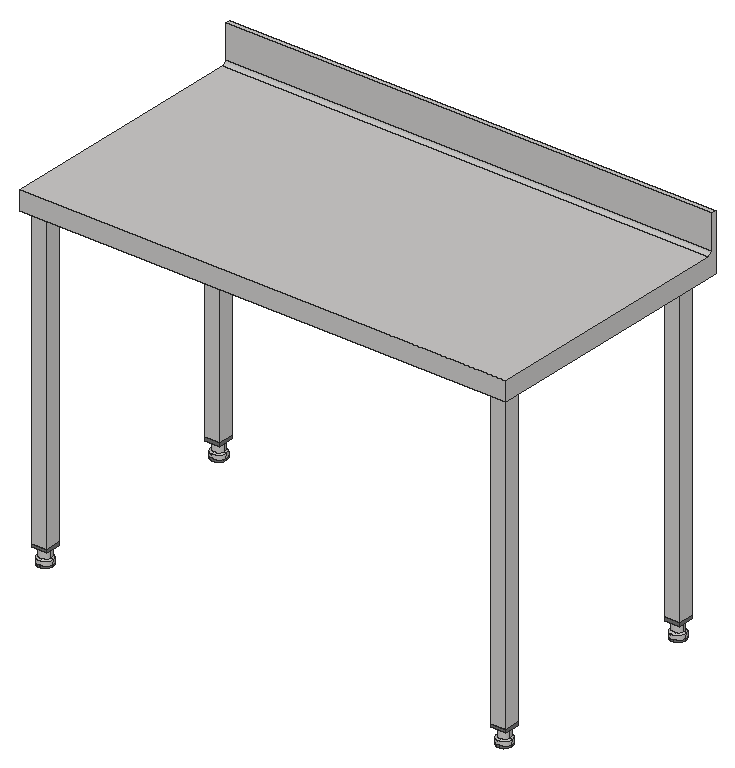
Revit family "QF_ELECTROLUXPROFESSIONAL_133233_TG1310N", category Attrezzature speciali, Revit 2020
Family settings
  Quota connettore circolare = Usa diametro
  Tipo di parte = Normale
  Basato su piano di lavoro = No
  Sempre verticale = Sì
  Taglio con vuoti quando caricato = No
  Condiviso = No
  Punto di calcolo locali = No
Parameters (values of type "Standard")
  Weight = 33.15 kg
  Watts = 0 W
  Volts = 0 V
  URL Manufacturer = "https://www.electroluxprofessional.com/"
  URL = "https://www.electroluxprofessional.com/"
  Steam Supply Size = 0 mm
  Steam Supply Minimum Pressure = 0.0 Pa
  Steam Supply Maximum Pressure = 0.0 Pa
  Steam Consumption per Hour = 0
  Refrigeration Suction Line Size = 0.0 mm
  Refrigeration Liquid Line Size = 0.0 mm
  Refrigerant Compressor Remote = yes
  Prospetto di default = 0.0 mm
  Produttore = "Electrolux Professional"
  Phase = 0
  Modello = "TG1310N"
  Length Actual = 1300.0 mm  # constant formula
  Item Number = "133233"
  Hot Water Size = 0 mm
  Height Actual = 1000.0 mm  # constant formula
  HP = "0 HP"
  Gas Size = 0 mm
  Gas KW = 0
  Gas Input Pressure = 0 W
  Direct Waste Size = 0 mm
  Descrizione = "WORK TABLE WITH UPSTAND 1300 MM"
  Depth Actual = 700.0 mm  # constant formula
  Cycle = 0 Hz
  Condensate Return Size = 0 mm
  Compressed Air Volume = 0.0 L/s
  Compressed Air Size = 0 mm
  Compressed Air Pressure = 0.0 Pa
  Cold Water Size = 0 mm
  Accessory = yes
Reference planes
  plane 1 "Center (Front/Back)": y = 0
  plane 2: z = 0
  plane 3 "Center (Left/Right)": x = -150
  plane 4 "LEFT": x = -800
  plane 5 "RIGHT": x = 500
  plane 6 "BACK": y = 350
  plane 7 "FRONT": y = -350
  plane 8 "Base": z = 850
  plane 9 "TOP": z = 900
  plane 10: x = -764.5
  plane 11: x = 464.5
  plane 12: y = 269.5
  plane 13: y = -310.5
Forms (mm)
  Extrusion 1, solid, material "QF_Finishes_Stainless Steel"
    sketch origin (-150, 0, 0) x (0, 1, 0) y (0, 0, 1)
      loop
        line (-350, 850) -> (350, 850) -> (350, 1000) -> (337, 1000) -> (337, 910)
        arc (337, 910) -> (334.071, 902.929) -> (327, 900) r 10
        line (327, 900) -> (-350, 900) -> (-350, 850)
    from 650 to -650
Lines and regions (mm)
  symbolic lines
    curve 1: line (500, 350, 900) -> (-800, 350, 900)
    curve 2: line (-800, 350, 900) -> (-800, -350, 900)
    curve 3: line (-800, -350, 900) -> (500, -350, 900)
    curve 4: line (500, -350, 900) -> (500, 350, 900)
    curve 5: line (500, 337, 900) -> (-800, 337, 900)
Dimensions and locks
  plane 4 "LEFT" to plane 5 "RIGHT" = 1300.0 mm
  equal spacing: plane 4 "LEFT", plane 3 "Center (Left/Right)", plane 5 "RIGHT"
  locked: plane 8 "Base" to level at 850
  plane 4 "LEFT" to plane 10 = 35.5 mm
  plane 11 to plane 5 "RIGHT" = 35.5 mm
  plane 10 to plane 11 = 1229.0 mm
  locked: Extrusion 1 to level at 1000
  plane 9 "TOP" to level = 900.0 mm
  plane 6 "BACK" to plane 12 = 80.5 mm
  plane 13 to plane 7 "FRONT" = 39.5 mm
  plane 6 "BACK" to plane 7 "FRONT" = 700.0 mm
  plane 12 to plane 13 = 580.0 mm
  equal spacing: plane 6 "BACK", plane 1 "Center (Front/Back)", plane 7 "FRONT"
  aligned and locked: level to plane 2
  aligned and locked: plane 10 to nested 1
  aligned and locked: nested 1 to plane 13
  aligned and locked: plane 11 to nested 2
  aligned and locked: nested 2 to plane 13
  aligned and locked: plane 11 to nested 4
  aligned and locked: nested 4 to plane 12
  aligned and locked: plane 10 to nested 3
  aligned and locked: nested 3 to plane 12
  aligned and locked: Extrusion 1 to plane 4 "LEFT"
  aligned and locked: plane 5 "RIGHT" to Extrusion 1
  aligned and locked: curve 2 to plane 4 "LEFT"
Automatic sketch dimensions
  Extrusion 1 sketch curve to plane 7 "FRONT" = 0.0 mm
  Extrusion 1 sketch curve to plane 9 "TOP" = 0.0 mm
  Extrusion 1 sketch curve to plane 6 "BACK" = 0.0 mm
  Extrusion 1 sketch curve to plane 8 "Base" = 0.0 mm
  plane 9 "TOP" to Extrusion 1 sketch curve = 10.0 mm
  Extrusion 1 sketch curve to plane 6 "BACK" = 13.0 mm
  Extrusion 1 sketch curve to Extrusion 1 sketch curve = 90.0 mm
  curve 3 to plane 7 "FRONT" = 0.0 mm
  curve 5 to plane 5 "RIGHT" = 0.0 mm
  curve 4 to plane 6 "BACK" = 0.0 mm
  curve 5 to plane 6 "BACK" = 13.0 mm
Nested families
  nested 1: "FEET_40x40_APP42" at (-764.5, -310.5, 0), type "FEET_40x40_APP42"
  nested 2: "FEET_40x40_APP42" at (464.5, -310.5, 0), type "FEET_40x40_APP42"
  nested 3: "FEET_40x40_APP42" at (-764.5, 269.5, 0), type "FEET_40x40_APP42"
  nested 4: "FEET_40x40_APP42" at (464.5, 269.5, 0), type "FEET_40x40_APP42"
Definition of nested family "FEET_40x40_APP42"
  Parameters
    Default Elevation = 0.0 mm
    FEET = 850.0 mm
  Reference planes
    plane 1 "Center (Front/Back)": y = 0
    plane 2: z = 0
    plane 3 "Center (Left/Right)": x = 0
    plane 4: z = 850
  Forms (mm)
    Extrusion 1, solid
      sketch origin (0, 0, 0) x (1, 0, 0) y (0, 1, 0)
        loop
          line (-20, -20) -> (20, -20) -> (20, 20) -> (-20, 20) -> (-20, -20)
      from 50 to 845
    Extrusion 2, solid
      sketch origin (0, 0, 0) x (1, 0, 0) y (0, 1, 0)
        loop
          circle (0, 0) r 20
      from 0 to 5
    Extrusion 3, solid
      sketch origin (0, 0, 0) x (1, 0, 0) y (0, 1, 0)
        loop
          line (30, 30) -> (-30, 30) -> (-30, -30) -> (30, -30) -> (30, 30)
      from 845 to 850
    Extrusion 4, solid
      sketch origin (0, 0, 0) x (1, 0, 0) y (0, 1, 0)
        loop
          line (-20, -20) -> (20, -20) -> (20, 20) -> (-20, 20) -> (-20, -20)
      from 50 to 42
    Revolve 5, solid
      sketch origin (0, 0, 0) x (1, 0, 0) y (0, 0, 1)
        loop
          line (0, 42) -> (-15, 42) -> (-15, 20) -> (-20, 15) -> (-20, 5) -> (0, 5) -> (0, 42)
        axis (0, 42) -> (0, 5)
      angle from 0 to 360
  Lines and regions (mm)
    symbolic lines
      curve 1: line (0, -1.503, 0) -> (0, 1.508, 0)
      curve 2: line (1.561, 0, 0) -> (-1.439, 0, 0)
  Dimensions and locks
    "FEET": plane 4 to plane 2
    aligned and locked: level to plane 2
  Automatic sketch dimensions
    plane 1 "Center (Front/Back)" to curve 2 = 0.0 mm
    curve 1 to plane 3 "Center (Left/Right)" = 0.0 mm
    curve 2 to plane 3 "Center (Left/Right)" = 1.439 mm
    plane 3 "Center (Left/Right)" to curve 2 = 1.561 mm
    plane 1 "Center (Front/Back)" to curve 1 = 1.503 mm
    curve 1 to plane 1 "Center (Front/Back)" = 1.508 mm
    Extrusion 1 sketch curve to plane 3 "Center (Left/Right)" = 20.0 mm
    plane 3 "Center (Left/Right)" to Extrusion 1 sketch curve = 20.0 mm
    plane 1 "Center (Front/Back)" to Extrusion 1 sketch curve = 20.0 mm
    Extrusion 1 sketch curve to plane 1 "Center (Front/Back)" = 20.0 mm
    plane 1 "Center (Front/Back)" to Extrusion 2 sketch curve = 0.0 mm
    Extrusion 2 sketch curve to plane 3 "Center (Left/Right)" = 0.0 mm
    Extrusion 3 sketch curve to plane 3 "Center (Left/Right)" = 30.0 mm
    plane 3 "Center (Left/Right)" to Extrusion 3 sketch curve = 30.0 mm
    plane 1 "Center (Front/Back)" to Extrusion 3 sketch curve = 30.0 mm
    Extrusion 3 sketch curve to plane 1 "Center (Front/Back)" = 30.0 mm
    Extrusion 4 sketch curve to plane 3 "Center (Left/Right)" = 20.0 mm
    plane 3 "Center (Left/Right)" to Extrusion 4 sketch curve = 20.0 mm
    plane 1 "Center (Front/Back)" to Extrusion 4 sketch curve = 20.0 mm
    Extrusion 4 sketch curve to plane 1 "Center (Front/Back)" = 20.0 mm
    Revolve 5 sketch curve to plane 3 "Center (Left/Right)" = 0.0 mm  (x2)
    Revolve 5 sketch curve to plane 3 "Center (Left/Right)" = 15.0 mm
    Revolve 5 sketch curve to Revolve 5 sketch curve = 5.0 mm  (x3)
    level to Revolve 5 sketch curve = 5.0 mm
    Revolve 5 sketch curve to Revolve 5 sketch curve = 10.0 mm
    Revolve 5 sketch curve to Revolve 5 sketch curve = 22.0 mm
    Revolve 5 sketch curve to level = 9.561 mm
    radius of Extrusion 2 sketch curve = 20.0 mm
